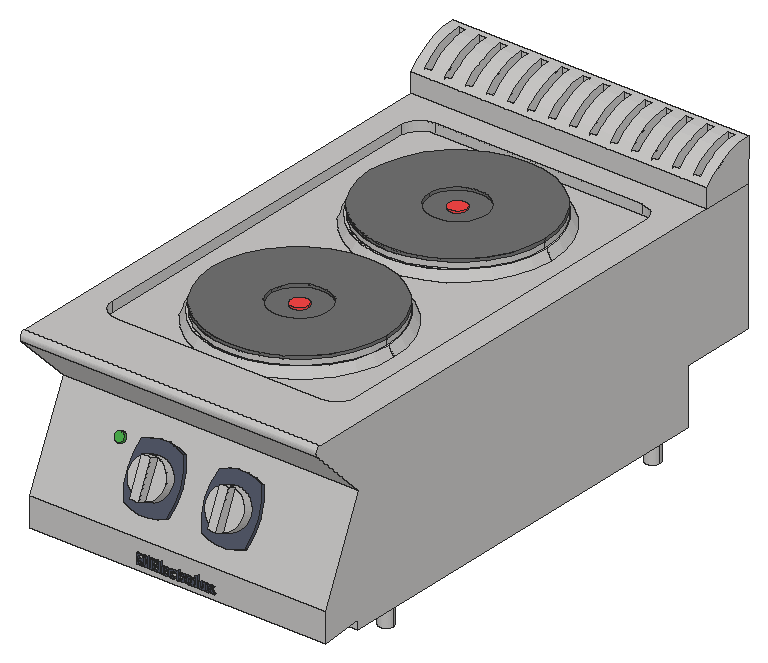
Revit family "QF_ELECTROLUXPROFESSIONAL_371014_E7ECED2R00", category Specialty Equipment, Revit 2018 (continued)
Definition of nested family "371014_QF_Electrolux_HOT PLATES"
  Parameters
    Revision Code [instance] = ""
    Omniclass Number and Title = ""
    NAFEM Spec ID Number = ""
    Model = ""
    Masterspec = ""
    Manufacturer = ""
    Item Number [instance] = ""
    Installed By [instance] = ""
    Identify Quantity as Lot [instance] = yes
    Height = 23 mm  # constant formula
    Furnished By [instance] = ""
    Foodservice Equipment Identifier [instance] = yes
    Description = ""
    Depth = 255 mm  # constant formula
    CSI MasterFormat = ""
    CSI Master Format = ""
    Assembly Code = ""
  Reference planes
    plane 1 "BACK": y = 0
    plane 2: z = 0
    plane 3 "LEFT": x = 0
    plane 4 "RIGHT": x = 255
    plane 5 "FRONT": y = -255
    plane 6 "TOP": z = 23
    plane 7 "Center Y": x = 127.5
    plane 8 "Center X": y = -127.5
  Forms (mm)
    Extrusion 1, solid
      sketch origin (-72.525, 113.875, 19.181) x (1, 0, 0) y (0, 1, 0)
        loop
          circle (200.025, -241.375) r 117.925
        loop
          circle (200.025, -241.375) r 38.208
      from 0 to 3.819
    Extrusion 2, solid
      sketch origin (-72.525, 113.875, 19.181) x (1, 0, 0) y (0, 1, 0)
        loop
          circle (200.025, -241.375) r 11.669
      from 0 to 1.964
    Extrusion 3, solid
      sketch origin (-72.525, 113.875, 12.7) x (1, 0, 0) y (0, 1, 0)
        loop
          circle (200.025, -241.375) r 38.208
      from 0 to 6.481
    Blend 4, solid
      base sketch origin (-72.525, 113.875, 0) x (1, 0, 0) y (0, 1, 0)
        loop
          circle (200.025, -241.375) r 127.548
      top sketch origin (-72.525, 113.875, 0) x (1, 0, 0) y (0, 1, 0)
        loop
          circle (200.025, -241.375) r 120.402
      from 0 to 11.731
    Extrusion 5, solid
      sketch origin (-72.525, 113.875, 11.731) x (1, 0, 0) y (0, 1, 0)
        loop
          circle (200.025, -241.375) r 117.925
        loop
          circle (200.025, -241.375) r 39.808
      from 0 to 7.45
  Lines and regions (mm)
    symbolic lines
      curve 1: circle (127.5, -127.5, 0) r 11.669 normal (0, 0, 1)
      curve 2: circle (127.5, -127.5, 0) r 38.208 normal (0, 0, 1)
      curve 3: circle (127.5, -127.5, 0) r 120.402 normal (0, 0, 1)
      curve 4: circle (127.5, -127.5, 0) r 127.548 normal (0, 0, 1)
  Dimensions and locks
    equal spacing: plane 3 "LEFT", plane 7 "Center Y", plane 4 "RIGHT"
    "Width": plane 3 "LEFT" to plane 4 "RIGHT"
    equal spacing: plane 5 "FRONT", plane 8 "Center X", plane 1 "BACK"
    "Depth": plane 5 "FRONT" to plane 1 "BACK"
    plane 1 "BACK" to plane 5 "FRONT" = 255 mm
    "Height": plane 6 "TOP" to level
    aligned and locked: level to plane 2
  Automatic sketch dimensions
    Extrusion 3 sketch curve to plane 7 "Center Y" = 0 mm
    Extrusion 3 sketch curve to plane 8 "Center X" = 0 mm
    Blend 4 sketch curve to plane 7 "Center Y" = 0 mm  (x2)
    Blend 4 sketch curve to plane 8 "Center X" = 0 mm  (x2)
    curve 1 to curve 2 = 0 mm  (x2)
    curve 1 to curve 3 = 0 mm  (x2)
    curve 1 to curve 4 = 0 mm  (x2)
    curve 2 to curve 3 = 0 mm  (x2)
    curve 2 to curve 4 = 0 mm  (x2)
    curve 3 to curve 4 = 0 mm  (x2)
    curve 2 to plane 7 "Center Y" = 0 mm
    curve 2 to plane 8 "Center X" = 0 mm
    radius of Extrusion 1 sketch curve to Extrusion 5 = 0 mm
    radius of Extrusion 1 sketch curve to Extrusion 5 = 1.6 mm
    radius of Extrusion 2 sketch curve to Extrusion 3 = 26.539 mm
    radius of Extrusion 3 sketch curve = 38.208 mm
    radius of Blend 4 sketch curve = 127.548 mm
    radius of Blend 4 sketch curve = 120.402 mm
    radius of Extrusion 5 sketch curve to Blend 4 = 2.478 mm
    radius of Extrusion 5 sketch curve to Blend 4 = 80.594 mm
    radius of curve 1 = 11.669 mm
    radius of curve 2 = 38.208 mm
    radius of curve 3 = 120.402 mm
    radius of curve 4 = 127.548 mm
